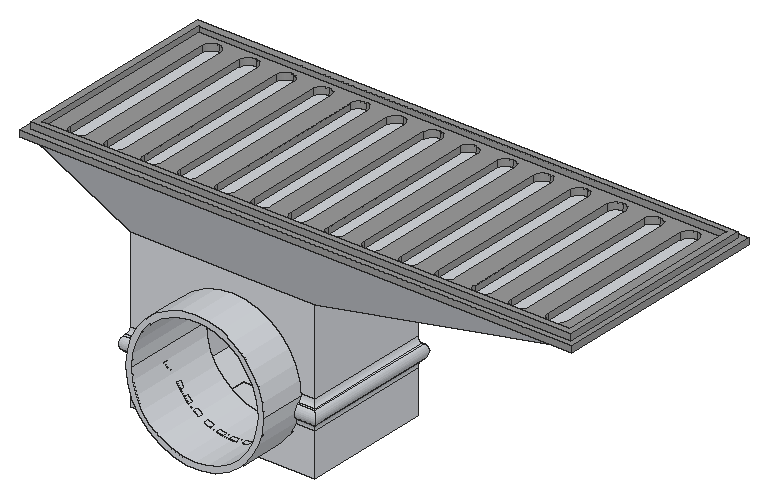
Revit family "PX_RECTANGULAR-Floor-Drain-Side-Outlet-300-Ø75", category Plumbing Fixtures, Revit 2016
Family settings
  Part Type = Normal
  Round Connector Dimension = Use Diameter
  Work Plane-Based = No
  Always vertical = Yes
  Cut with Voids When Loaded = No
  Shared = No
  Room Calculation Point = No
Parameters (values of type "PA_RECTANGULAR_Floor Drain_Side Outlet 300 Ø75")
  URL = "https://www.fisa.co.za/"
  Tolani Civil Prejects cc URL = "www.tcpbim.co.za"
  Stainless Steel = Stainless Steel, Polished
  PVC = PVC, Unplasticized
  Model = "RECTANGULAR DRAINS Side Outlet 300 Ø50"
  Manufacturer = "Floor International"
  Created by = "Tolani Civil Projects cc"
  Contact = "+2711-4864900"
Reference planes
  plane 1 "Center (Front/Back)": y = 0
  plane 2: z = 0
  plane 3 "Center (Left/Right)": x = 0
  plane 4: z = -3.437
  plane 5: z = -132
  plane 6: y = -120
  plane 7: x = 300
  plane 8: x = 10
  plane 9: x = 290
  plane 10: z = -94.5
  plane 11: x = 95
  plane 12: z = -47
  plane 13: y = -60
  plane 14: y = -25
  plane 15: y = -95
  plane 16: x = 40
  plane 17: x = 140
Forms (mm)
  Extrusion 1, solid, material "Stainless Steel, Polished" <- "Stainless Steel"
    sketch origin (0, 0, 0) x (1, 0, 0) y (0, 1, 0)
      loop
        line (0, 0) -> (0, -120) -> (300, -120) -> (300, 0) -> (0, 0)
      loop
        arc (15, -105) -> (16.464, -108.536) -> (20, -110) r 5
        arc (20, -110) -> (23.536, -108.536) -> (25, -105) r 5
        line (25, -105) -> (25, -15)
        arc (25, -15) -> (23.536, -11.464) -> (20, -10) r 5
        arc (20, -10) -> (16.464, -11.464) -> (15, -15) r 5
        line (15, -15) -> (15, -105)
      loop
        arc (35, -105) -> (36.464, -108.536) -> (40, -110) r 5
        arc (40, -110) -> (43.536, -108.536) -> (45, -105) r 5
        line (45, -105) -> (45, -15)
        arc (45, -15) -> (43.536, -11.464) -> (40, -10) r 5
        arc (40, -10) -> (36.464, -11.464) -> (35, -15) r 5
        line (35, -15) -> (35, -105)
      loop
        arc (55, -105) -> (56.464, -108.536) -> (60, -110) r 5
        arc (60, -110) -> (63.536, -108.536) -> (65, -105) r 5
        line (65, -105) -> (65, -15)
        arc (65, -15) -> (63.536, -11.464) -> (60, -10) r 5
        arc (60, -10) -> (56.464, -11.464) -> (55, -15) r 5
        line (55, -15) -> (55, -105)
      loop
        arc (75, -105) -> (76.464, -108.536) -> (80, -110) r 5
        arc (80, -110) -> (83.536, -108.536) -> (85, -105) r 5
        line (85, -105) -> (85, -15)
        arc (85, -15) -> (83.536, -11.464) -> (80, -10) r 5
        arc (80, -10) -> (76.464, -11.464) -> (75, -15) r 5
        line (75, -15) -> (75, -105)
      loop
        arc (95, -105) -> (96.464, -108.536) -> (100, -110) r 5
        arc (100, -110) -> (103.536, -108.536) -> (105, -105) r 5
        line (105, -105) -> (105, -15)
        arc (105, -15) -> (103.536, -11.464) -> (100, -10) r 5
        arc (100, -10) -> (96.464, -11.464) -> (95, -15) r 5
        line (95, -15) -> (95, -105)
      loop
        arc (115, -105) -> (116.464, -108.536) -> (120, -110) r 5
        arc (120, -110) -> (123.536, -108.536) -> (125, -105) r 5
        line (125, -105) -> (125, -15)
        arc (125, -15) -> (123.536, -11.464) -> (120, -10) r 5
        arc (120, -10) -> (116.464, -11.464) -> (115, -15) r 5
        line (115, -15) -> (115, -105)
      loop
        arc (135, -105) -> (136.464, -108.536) -> (140, -110) r 5
        arc (140, -110) -> (143.536, -108.536) -> (145, -105) r 5
        line (145, -105) -> (145, -15)
        arc (145, -15) -> (143.536, -11.464) -> (140, -10) r 5
        arc (140, -10) -> (136.464, -11.464) -> (135, -15) r 5
        line (135, -15) -> (135, -105)
      loop
        arc (155, -105) -> (156.464, -108.536) -> (160, -110) r 5
        arc (160, -110) -> (163.536, -108.536) -> (165, -105) r 5
        line (165, -105) -> (165, -15)
        arc (165, -15) -> (163.536, -11.464) -> (160, -10) r 5
        arc (160, -10) -> (156.464, -11.464) -> (155, -15) r 5
        line (155, -15) -> (155, -105)
      loop
        arc (175, -105) -> (176.464, -108.536) -> (180, -110) r 5
        arc (180, -110) -> (183.536, -108.536) -> (185, -105) r 5
        line (185, -105) -> (185, -15)
        arc (185, -15) -> (183.536, -11.464) -> (180, -10) r 5
        arc (180, -10) -> (176.464, -11.464) -> (175, -15) r 5
        line (175, -15) -> (175, -105)
      loop
        arc (195, -105) -> (196.464, -108.536) -> (200, -110) r 5
        arc (200, -110) -> (203.536, -108.536) -> (205, -105) r 5
        line (205, -105) -> (205, -15)
        arc (205, -15) -> (203.536, -11.464) -> (200, -10) r 5
        arc (200, -10) -> (196.464, -11.464) -> (195, -15) r 5
        line (195, -15) -> (195, -105)
      loop
        arc (215, -105) -> (216.464, -108.536) -> (220, -110) r 5
        arc (220, -110) -> (223.536, -108.536) -> (225, -105) r 5
        line (225, -105) -> (225, -15)
        arc (225, -15) -> (223.536, -11.464) -> (220, -10) r 5
        arc (220, -10) -> (216.464, -11.464) -> (215, -15) r 5
        line (215, -15) -> (215, -105)
      loop
        arc (235, -105) -> (236.464, -108.536) -> (240, -110) r 5
        arc (240, -110) -> (243.536, -108.536) -> (245, -105) r 5
        line (245, -105) -> (245, -15)
        arc (245, -15) -> (243.536, -11.464) -> (240, -10) r 5
        arc (240, -10) -> (236.464, -11.464) -> (235, -15) r 5
        line (235, -15) -> (235, -105)
      loop
        arc (255, -105) -> (256.464, -108.536) -> (260, -110) r 5
        arc (260, -110) -> (263.536, -108.536) -> (265, -105) r 5
        line (265, -105) -> (265, -15)
        arc (265, -15) -> (263.536, -11.464) -> (260, -10) r 5
        arc (260, -10) -> (256.464, -11.464) -> (255, -15) r 5
        line (255, -15) -> (255, -105)
      loop
        arc (275, -105) -> (276.464, -108.536) -> (280, -110) r 5
        arc (280, -110) -> (283.536, -108.536) -> (285, -105) r 5
        line (285, -105) -> (285, -15)
        arc (285, -15) -> (283.536, -11.464) -> (280, -10) r 5
        arc (280, -10) -> (276.464, -11.464) -> (275, -15) r 5
        line (275, -15) -> (275, -105)
    from -3.437 to 0
  Sweep 2, solid, material "Stainless Steel, Polished" <- "Stainless Steel"
    path in 3D
      loop
        line (0, 0, 0) -> (0, -120, 0) -> (300, -120, 0) -> (300, 0, 0) -> (0, 0, 0)
    profile origin (150, 0, 0) x (0, -1, 0) y (0, 0, 1)
      loop
        line (3.164, 0) -> (6.519, 0) -> (6.519, 3.23) -> (3.164, 3.23) -> (3.164, 0)
  Extrusion 3, solid
    sketch origin (0, 0, 0) x (1, 0, 0) y (0, 0, 1)
      loop
        circle (95, -94.5) r 37.5
      loop
        circle (95, -94.5) r 34.5
    from 69.818 to 120
  SweptBlend 4, solid
    path origin (0, 0, 0) x (1, 0, 0) y (0, 0, 1)
      loop
        line (0, -3.437) -> (0, -47)
    profile origin (0, 0, -3.437) x (0, -1, 0) y (1, 0, 0)
      loop
        line (3.164, 3.164) -> (116.836, 3.164) -> (116.836, 296.836) -> (3.164, 296.836) -> (3.164, 3.164)
    end profile origin (0, 0, -47) x (0, -1, 0) y (1, 0, 0)
      loop
        line (25, 40) -> (95, 40) -> (95, 140) -> (25, 140) -> (25, 40)
  Sweep 5, solid
    path origin (0, 0, 0) x (1, 0, 0) y (0, 1, 0)
      loop
        line (40, -25) -> (40, -95) -> (140, -95) -> (140, -25) -> (40, -25)
    profile origin (90, -25, 0) x (0, 1, 0) y (0, 0, 1)
      loop
        line (0, -47) -> (-2.5, -47) -> (-2.5, -93.059)
        arc (-2.5, -93.059) -> (-1.929, -95.93) -> (-0.303, -98.363) r 7.5
        line (-0.303, -98.363) -> (0.437, -99.103)
        arc (0.437, -99.103) -> (1.169, -100.871) -> (0.437, -102.639) r 2.5
        line (0.437, -102.639) -> (-0.303, -103.379)
        arc (-0.303, -103.379) -> (-1.929, -105.812) -> (-2.5, -108.683) r 7.5
        line (-2.5, -108.683) -> (-2.5, -129.5) -> (-26.635, -129.5) -> (-26.635, -132) -> (0, -132) -> (0, -108.683)
        arc (0, -108.683) -> (0.381, -106.769) -> (1.464, -105.147) r 5
        line (1.464, -105.147) -> (2.205, -104.406)
        arc (2.205, -104.406) -> (3.669, -100.871) -> (2.205, -97.335) r 5
        line (2.205, -97.335) -> (1.464, -96.595)
        arc (1.464, -96.595) -> (0.381, -94.973) -> (0, -93.059) r 5
        line (0, -93.059) -> (0, -47)
  Extrusion 6, solid
    sketch origin (0, 0, 0) x (1, 0, 0) y (0, 1, 0)
      loop
        line (66.635, -51.635) -> (66.635, -68.365) -> (113.365, -68.365) -> (113.365, -51.635) -> (66.635, -51.635)
    from -132 to -129.5
  Extrusion 7, void
    sketch origin (0, 0, 0) x (1, 0, 0) y (0, 0, 1)
      loop
        circle (95, -94.5) r 34.5
    from 60 to 120
Cuts and joins
  Extrusion 7 cuts Sweep 5
  joined: SweptBlend 4, Sweep 5
  joined: Extrusion 3, Extrusion 6
Lines and regions (mm)
  sketch lines
    curve 1: line (300, 0, 0) -> (0, 0, 0)
    curve 2: line (300, -120, 0) -> (300, 0, 0)
    curve 3: line (0, -120, 0) -> (300, -120, 0)
    curve 4: line (0, 0, 0) -> (0, -120, 0)
Dimensions and locks
  locked: level to plane 4 at 3.437
  level to plane 5 = 132 mm
  plane 6 to plane 1 "Center (Front/Back)" = 120 mm
  plane 7 to plane 3 "Center (Left/Right)" = 300 mm
  equal spacing: Extrusion 1 sketch curve, Extrusion 1 sketch curve, Extrusion 1 sketch curve, Extrusion 1 sketch curve, Extrusion 1 sketch curve, Extrusion 1 sketch curve, Extrusion 1 sketch curve, Extrusion 1 sketch curve, Extrusion 1 sketch curve, Extrusion 1 sketch curve, Extrusion 1 sketch curve, Extrusion 1 sketch curve, Extrusion 1 sketch curve, Extrusion 1 sketch curve, Extrusion 1 sketch curve, Extrusion 1 sketch curve, Extrusion 1 sketch curve, Extrusion 1 sketch curve, Extrusion 1 sketch curve, Extrusion 1 sketch curve, Extrusion 1 sketch curve, Extrusion 1 sketch curve, Extrusion 1 sketch curve, Extrusion 1 sketch curve, Extrusion 1 sketch curve, Extrusion 1 sketch curve, Extrusion 1 sketch curve, Extrusion 1 sketch curve
  Extrusion 1 sketch curve to Extrusion 1 sketch curve = 15 mm  (x2)
  locked: Extrusion 1 to Sweep 2 sketch curve at 3.23
  locked: Sweep 2 sketch curve to Sweep 2 sketch curve at 3.356
  profile plane to Sweep 2 sketch curve = 3.164 mm
  plane 3 "Center (Left/Right)" to plane 8 = 10 mm
  plane 9 to Extrusion 1 = 10 mm
  plane 5 to level = 132 mm
  plane 10 to plane 5 = 37.5 mm
  plane 5 to plane 12 to plane 4 = 85 mm locked, 43.562 mm locked
  equal spacing: Extrusion 1, plane 13, plane 1 "Center (Front/Back)"
  equal spacing: plane 14, plane 13, plane 15
  plane 3 "Center (Left/Right)" to plane 16 to plane 17 = 40 mm locked, 100 mm locked
  Extrusion 1 to plane 1 "Center (Front/Back)" = 120 mm
  plane 3 "Center (Left/Right)" to Extrusion 1 = 300 mm
  radius of Extrusion 3 sketch curve = 37.5 mm
  aligned and locked: level to plane 2
  aligned and locked: plane 7 to Extrusion 1 sketch curve
  aligned and locked: plane 6 to Extrusion 1 sketch curve
  aligned and locked: plane 1 "Center (Front/Back)" to Extrusion 1 sketch curve
  aligned and locked: plane 3 "Center (Left/Right)" to Extrusion 1 sketch curve
  aligned and locked: level to Extrusion 1
  aligned and locked: plane 11 to Extrusion 3 sketch curve
  aligned and locked: plane 10 to Extrusion 3 sketch curve
  aligned and locked: SweptBlend 4 sketch curve to Sweep 2  (x4)
  aligned and locked: SweptBlend 4 sketch curve to plane 14
  aligned and locked: plane 17 to SweptBlend 4 sketch curve
  aligned and locked: plane 15 to SweptBlend 4 sketch curve
  aligned and locked: plane 16 to SweptBlend 4 sketch curve
  aligned and locked: Sweep 5 sketch curve to plane 14
  aligned and locked: plane 17 to Sweep 5 sketch curve
  aligned and locked: plane 15 to Sweep 5 sketch curve
  aligned and locked: plane 16 to Sweep 5 sketch curve
  aligned and locked: Extrusion 6 sketch curve to Sweep 5  (x4)
  aligned and locked: Extrusion 6 to plane 5
  aligned and locked: Sweep 5 to Extrusion 6
  aligned and locked: Extrusion 7 sketch curve to cut or joined group of Extrusion 3, Extrusion 6  (x2)
  aligned and locked: plane 13 to Extrusion 7
  aligned and locked: cut or joined group of Extrusion 3, Extrusion 6 to Extrusion 7
Automatic sketch dimensions
  Extrusion 1 sketch curve to Extrusion 1 sketch curve = 0 mm  (x74)
  plane 6 to Extrusion 1 sketch curve = 15 mm  (x5)
  plane 1 "Center (Front/Back)" to Extrusion 1 sketch curve = 15 mm  (x5)
  Sweep 2 sketch curve to profile plane = 0 mm
  Extrusion 3 sketch curve to Extrusion 3 sketch curve = 0 mm  (x2)
  SweptBlend 4 sketch curve to plane 3 "Center (Left/Right)" = 0 mm
  SweptBlend 4 sketch curve to plane 12 = 0 mm
  SweptBlend 4 sketch curve to plane 4 = 0 mm
  Sweep 5 sketch curve to Sweep 5 sketch curve = 0 mm  (x6)
  Sweep 5 sketch curve to profile plane = 0 mm  (x2)
  profile plane to Sweep 5 sketch curve = 26.635 mm
  Sweep 5 sketch curve to level = 132 mm
  profile plane to Sweep 5 sketch curve = 2.5 mm  (x2)
  profile plane to Sweep 5 sketch curve = 0.303 mm  (x2)
  Sweep 5 sketch curve to profile plane = 0.437 mm  (x2)
  Sweep 5 sketch curve to profile plane = 1.464 mm  (x2)
  Sweep 5 sketch curve to Sweep 5 sketch curve = 0.74 mm  (x5)
  profile plane to Sweep 5 sketch curve = 1.331 mm
  Sweep 5 sketch curve to Sweep 5 sketch curve = 3.536 mm  (x2)
  Sweep 5 sketch curve to profile plane = 5 mm
  Sweep 5 sketch curve to Sweep 5 sketch curve = 2.5 mm
  Sweep 5 sketch curve to Sweep 5 sketch curve = 20.817 mm
  Sweep 5 sketch curve to Sweep 5 sketch curve = 46.059 mm
  radius of Extrusion 3 sketch curve = 34.5 mm
Connectors
  piping at (95, -120, -94.5), diameter 75
    settings: on Extrusion 3, index 1, connector inside diameter 75 mm, connector length 0 mm, flow factor 0, pipe flow 0.0 L/s, pressure drop 0.0 Pa, fitting loss kfactor 0, connector angle 0.00°, fixture units 0, engagement length 0 mm, angle of deflection 0.00°, flow configuration 0, flow direction 2, fitting loss method 0, system type 16, joint type 0, gender type 0, connector reference index -1, connector utility 0, adjustable connector no, is connector primary yes, connector description ""
